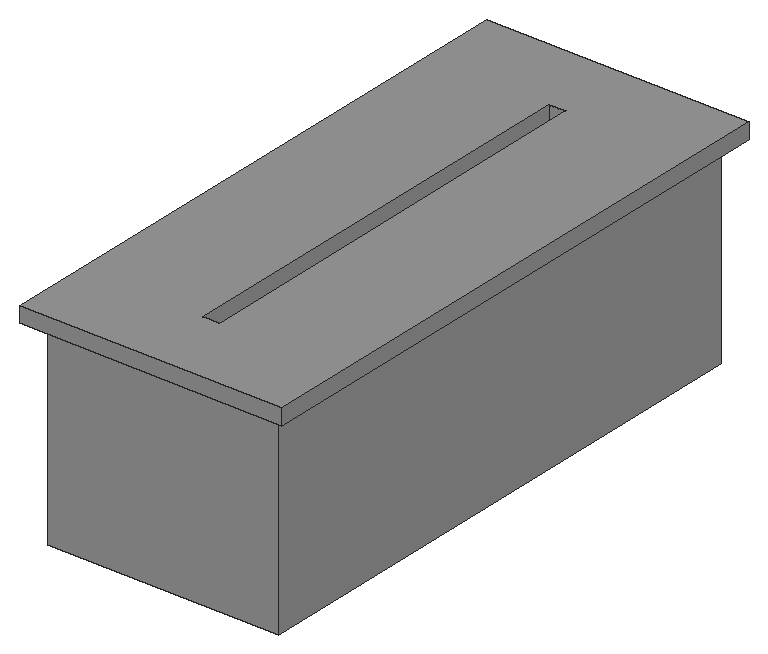
Revit family "4068738 Sylvania Lighting Fixture RAY RECTANGLE1 12LM BLADE LED 3K AL", category Lighting Fixtures, host Face, Revit 2016
Family settings
  Host = Face
  Part Type = Normal
  Round Connector Dimension = Use Diameter
  OmniClass Number = 23.80.70.00
  OmniClass Title = Lighting
  Cut with Voids When Loaded = No
  Light Source = Yes
  Shared = No
  Room Calculation Point = No
Parameters (values of type "4068738 RAY/RECT1 12LM BLADE LED 3K AL")
  Width_SYL = if(Square_SYL, 100 mm, 85 mm)  # 85 mm
  Weight = "0.8 kg"
  Wattage Comments = "n/a"
  Wattage = 4 W
  WarrantyStartDate [instance] = "n/a"
  WarrantyGuarantorParts = "n/a"
  WarrantyDurationUnit = "n/a"
  WarrantyDurationParts = "n/a"
  WarrantyDescription = "n/a"
  built-in parameter 1150110 = 1 (stored number, unit not read)
  Voltage = 0 V
  URL = "http://www.sylvania-lighting.com"
  TypeName = "RAY/RECTANGLE1 12LM BLADE LED 3K AL"
  Type Image = <None>
  Type Comments = "n/a"
  built-in parameter 1114217 = 1 (stored number, unit not read)
  Tilt Angle = -90.00°
  built-in parameter 1150109 = 1 (stored number, unit not read)
  built-in parameter 1150134 = (empty or 0)
  built-in parameter 1150113 = 1 (stored number, unit not read)
  Square_SYL = no
  SlotWidth_SYL = if(Square_SYL, 5.8 mm, 5.5 mm)  # 5.5 mm
  SlotStartHeight_SYL = if(Square_SYL, 18.5 mm, 24.5 mm)  # 24.5 mm
  SlotHeight_SYL = if(Square_SYL, 39 mm, 141 mm)  # 141 mm
  SerialNumber [instance] = "n/a"
  RecessDepth_SYL = 65 mm
  PowerFactor = 0
  PowerConsumption = "4 W"
  Photometric Web File = "4068738.ies"
  NominalWidth = 0 mm
  NominalLength = 190 mm
  NominalHeight = 65 mm
  Name = "RAY/RECTANGLE1 12LM BLADE LED 3K AL"
  ModelReference = "RAY/RECTANGLE1 12LM BLADE LED 3K AL"
  ModelNumber = "4068738"
  Material_3_SYL = none
  Model = "RAY/RECTANGLE1 12LM BLADE LED 3K AL"
  Material = "die-cast aluminum housing, safety tempered glass diffuser"
  ManufacturerName = "Feilo Sylvania"
  Manufacturer = "Feilo Sylvania"
  LuminousEfficacy = "3 lm/W"
  built-in parameter 1150105 = 52.739 (stored number, unit not read)
  Lumens = 12 lm
  LuminaireType = ""
  built-in parameter 1150115 = 1 (stored number, unit not read)
  LightSourceYOffset_SYL = if(Square_SYL, 12 mm, 0 mm)  # 0 mm
  LightOutputRatio = "100"
  built-in parameter 1150137 = (empty or 0)
  built-in parameter 1150139 = (empty or 0)
  LampsType = Lamp  # "LED"
  LampNominalLuminous = "12 lm"
  LampMacAdamStep = "n/a"
  LampColourTemperature = "3000 K"
  LampColourRenderingIndex = "80"
  built-in parameter 1150112 = 1 (stored number, unit not read)
  built-in parameter 1150114 = 1 (stored number, unit not read)
  Lamp = "LED"
  Keynote = "16500"
  Material_2_SYL = LED-Sylvania
  InstallationDate [instance] = "n/a"
  InputVoltage = "n/a"
  InputNominalFrequency = "n/a"
  built-in parameter 1150132 = (empty or 0)
  built-in parameter 1150102 = (empty or 0)
  built-in parameter 1150107 = 3000 (stored number, unit not read)
  built-in parameter 1150138 = (empty or 0)
  IngressProtection = "IP65"
  ImpactProtectionIndex = "IK08"
  built-in parameter 1150106 = 0.52739 (stored number, unit not read)
  IfcExportType = "IfcLightFixtureType"
  IfcExportAs = "IfcLightFixtureType"
  Height_SYL = if(Square_SYL, 100 mm, 190 mm)  # 190 mm
  ExpectedLife = 50000
  Emit from Rectangle Width = if(Square_SYL, 5.8 mm, 5.5 mm)  # 5.5 mm
  Emit from Rectangle Length = if(Square_SYL, 39 mm, 141 mm)  # 141 mm
  Emit Shape Visible in Rendering = no
  ElectricShockClassification = "Class II"
  built-in parameter 1150104 = 0.27871 (stored number, unit not read)
  DurationUnit = "hours"
  DocumentationLiterature = "http://www.sylvania-lighting.com/product/en-int/products/4068738"
  DimmingControlOptions = "n/a"
  Dimming Lamp Color Temperature Shift = <None>
  Description = "Rectangular recessed wall luminairedie-cast aluminum, 112lm, 4W, 3lm/W, 3000K, CRI80+, asymmetric, non dimmable, IP65, IK08, (HxWxD) 190x190x65mm, 3 step MacAdam ellipse, Class II, 220-240V, A++ A+ A"
  Default Elevation = 1219.2 mm
  CreatedOn = "10/2/2018"
  CreatedBy = "@sylvania-lighting.com"
  Cost = 0
  Color Filter = 16777215
  built-in parameter 1114216 [instance] = (empty or 0)
  Material_1_SYL = Aluminum 7175 T73 0 Hot Formed
  BarCode [instance] = "n/a"
  built-in parameter 1114218 = 1 (stored number, unit not read)
  built-in parameter 1150133 = 10 (stored number, unit not read)
  AssetType = "Fixed"
  AssetIdentifier [instance] = "n/a"
  Assembly Code = "D5020200"
  Apparent Load = 4 VA
  Material_4_SYL = none
Reference planes
  plane 1 "Center (Front/Back)": y = 0
  plane 2: z = 0
  plane 3 "Center (Left/Right)": x = 0
  plane 4: x = -42.5
  plane 5: x = 42.5
  plane 6: y = 95
  plane 7: y = -95
  plane 8: z = 5
  plane 9: z = -65
  plane 10: x = -37.5
  plane 11: y = 90
  plane 12: x = 37.5
  plane 13: y = -90
  plane 14: x = 2.75
  plane 15: x = -2.75
  plane 16: y = 70.5
  plane 17: y = -70.5
  plane 18: z = -7
  plane 19: y = -60.5
Forms (mm)
  Extrusion 1, void
    sketch origin (0, 0, 0) x (1, 0, 0) y (0, 1, 0)
      loop
        line (-37.5, 90) -> (-37.5, -90) -> (37.5, -90) -> (37.5, 90) -> (-37.5, 90)
    from 0 to -65
  Extrusion 2, solid, material "Aluminum 7175 T73 0 Hot Formed" <- "Material_1_SYL"
    sketch origin (0, 0, 0) x (1, 0, 0) y (0, 1, 0)
      loop
        line (-42.5, 95) -> (-42.5, -95) -> (42.5, -95) -> (42.5, 95) -> (-42.5, 95)
    from 0 to 5
  Extrusion 3, solid, material "Aluminum 7175 T73 0 Hot Formed" <- "Material_1_SYL"
    sketch origin (0, 0, 0) x (1, 0, 0) y (0, 1, 0)
      loop
        line (-37.5, 90) -> (-37.5, -90) -> (37.5, -90) -> (37.5, 90) -> (-37.5, 90)
    from 0 to -65
  Blend 4, void
    base sketch origin (0, 0, 0) x (1, 0, 0) y (0, 1, 0)
      loop
        line (-2.75, 70.5) -> (-2.75, -70.5) -> (2.75, -70.5) -> (2.75, 70.5) -> (-2.75, 70.5)
    top sketch origin (0, 0, 0) x (1, 0, 0) y (0, 1, 0)
      loop
        line (2.75, -60.5) -> (2.75, 70.5) -> (-2.75, 70.5) -> (-2.75, -60.5) -> (2.75, -60.5)
    from 5 to -7
Cuts and joins
  Blend 4 cuts Extrusion 2
  Blend 4 cuts Extrusion 3
  joined: Extrusion 2, Extrusion 3
Lines and regions (mm)
  reference lines
    curve 1: line (-21.196, 0, 0) -> (21.478, 0, 0)
Dimensions and locks
  equal spacing: plane 4, plane 3 "Center (Left/Right)", plane 5
  "Width_SYL": plane 4 to plane 5
  equal spacing: plane 7, plane 1 "Center (Front/Back)", plane 6
  "Height_SYL": plane 7 to plane 6
  equal spacing: plane 10, plane 3 "Center (Left/Right)", plane 12
  equal spacing: plane 13, plane 1 "Center (Front/Back)", plane 11
  locked: plane 11 to plane 6 at 5
  locked: plane 4 to plane 10 at 5
  locked: plane 8 to plane 2 at 5
  "RecessDepth_SYL": plane 2 to plane 9
  equal spacing: plane 15, plane 3 "Center (Left/Right)", plane 14
  "SlotWidth_SYL": plane 15 to plane 14
  "SlotHeight_SYL": plane 17 to plane 16
  locked: plane 8 to plane 18 at 12
  locked: plane 17 to plane 19 at 10
  "SlotStartHeight_SYL": plane 7 to plane 17
  "LightSourceYOffset_SYL": curve 1 to plane 1 "Center (Front/Back)"
  aligned and locked: plane 2 to host face
  aligned and locked: level to host face
  aligned and locked: plane 11 to Extrusion 1 sketch curve
  aligned and locked: plane 10 to Extrusion 1 sketch curve
  aligned and locked: Extrusion 1 sketch curve to plane 13
  aligned and locked: Extrusion 1 sketch curve to plane 12
  aligned and locked: plane 9 to Extrusion 1
  aligned and locked: level to Extrusion 1
  aligned and locked: plane 6 to Extrusion 2 sketch curve
  aligned and locked: plane 4 to Extrusion 2 sketch curve
  aligned and locked: Extrusion 2 sketch curve to plane 7
  aligned and locked: Extrusion 2 sketch curve to plane 5
  aligned and locked: Extrusion 2 to plane 8
  aligned and locked: Extrusion 2 to level
  aligned and locked: plane 11 to Extrusion 3 sketch curve
  aligned and locked: plane 10 to Extrusion 3 sketch curve
  aligned and locked: Extrusion 3 sketch curve to plane 13
  aligned and locked: Extrusion 3 sketch curve to plane 12
  aligned and locked: plane 9 to Extrusion 3
  aligned and locked: level to Extrusion 3
  aligned and locked: plane 16 to Blend 4 sketch curve
  aligned and locked: plane 15 to Blend 4 sketch curve
  aligned and locked: Blend 4 sketch curve to plane 17
  aligned and locked: Blend 4 sketch curve to plane 14  (x2)
  aligned and locked: Blend 4 sketch curve to plane 19
  aligned and locked: Blend 4 sketch curve to var sketch
  aligned and locked: var sketch to Blend 4 sketch curve
  aligned and locked: plane 18 to Blend 4
  aligned and locked: Blend 4 to plane 8
  aligned and locked: plane 3 "Center (Left/Right)" to imposter light
  aligned and locked: imposter light to plane 8
  aligned and locked: imposter light to curve 1
Automatic sketch dimensions
  host sketch curve to host sketch curve = 2438.4 mm  (x2)
  curve 1 to plane 15 = 18.446 mm
  plane 14 to curve 1 = 18.728 mm
Connectors
  electrical at (0, 0, 0), driven by "Apparent Load"
    settings: index 1, voltage 230 V, apparent load 4 VA, apparent load phase1 0 VA, apparent load phase2 0 VA, apparent load phase3 0 VA, power factor 0, load classification "Lighting", number of poles 1, system type 30, power factor state 1, is connector primary yes, connector utility no, sub classification motor no, connector description ""
